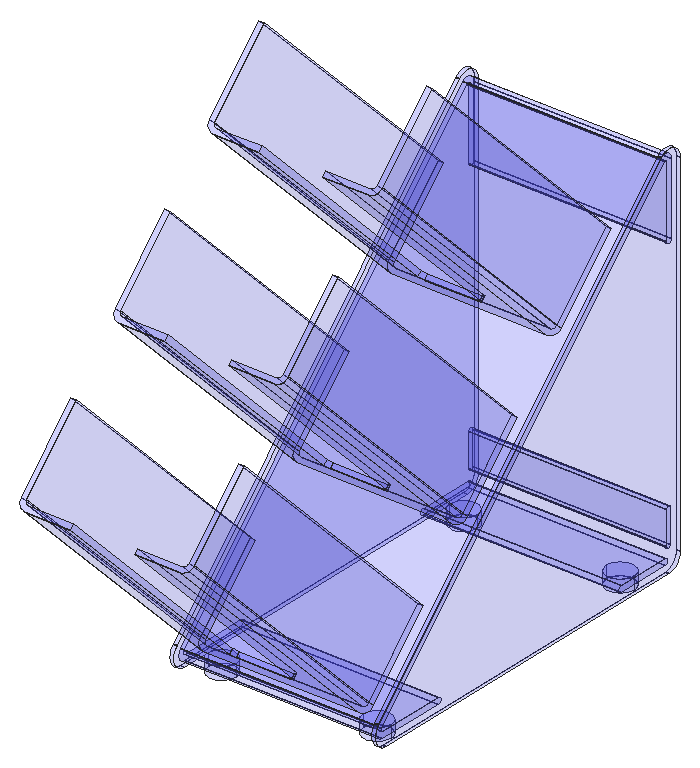
Revit family "QF_Vollrath_CTCL-3B", category Specialty Equipment, Revit 2016
Family settings
  Part Type = Normal
  Round Connector Dimension = Use Diameter
  OmniClass Number = 23.40.40.14.24
  OmniClass Title = Food Dispensing Equipment
  Work Plane-Based = Yes
  Always vertical = Yes
  Cut with Voids When Loaded = No
  Shared = No
  Room Calculation Point = No
Parameters
  Weight in Pounds = 0
  Watermarked By = ""
  URL Cutsheet = ""
  URL = "www.vollrath.com"
  Specification by User [instance] = ""
  Specification by Manufacturer [instance] = ""
  Serial Number [instance] = ""
  Revision Code [instance] = ""
  NAFEM Spec ID Number [instance] = ""
  Model = "CTCL-3B"
  Material = QF_Glass-Cast-Clear
  Masterspec [instance] = ""
  Manufacturer = "Vollrath"
  Item Number [instance] = "-"
  Installed By [instance] = ""
  Furnished By [instance] = ""
  Foodservice Equipment Identifier = yes
  Description = "Lid Organizer"
  Default Elevation = 48.000"
  CSI MasterFormat = ""
Reference planes (in)
  plane 1 "BACK": y = 0
  plane 2 "BOTTOM": z = 0
  plane 3 "LEFT": x = -16.56573
  plane 4 "RIGHT": x = -10.06573
  plane 5 "FRONT": y = -12.6402
  plane 6 "TOP": z = 12.8969
  plane 7 "Triangle Bottom": z = 0.2125
  plane 8: z = 0.4
  plane 9: x = -16.44073
  plane 10: z = 0.5875
  plane 11: y = -1.3125
  plane 12: z = 2.02919
  plane 13: z = 0.84169
  plane 14: y = -0.375
  plane 15: y = -2.25
  plane 16: y = -9.37184
  plane 17: y = -11.71564
  plane 18: y = -0.1875
  plane 19: through (-240, 1.58738, 14.17492) normal (0, -0.7071, 0.7071)
  plane 20: through (-240, 1.71997, 14.04234) normal (0, -0.7071, 0.7071)
  plane 21: z = 11.88042
  plane 22: z = 9.53662
  plane 23: through (-240, -3.39665, 7.49273) normal (0, 0.7071, 0.7071)
Forms (in)
  Extrusion 1, solid, material "QF_Glass-Cast-Clear" <- "Material"
    sketch origin (0.47068, -0.26488, 0) x (1, 0, 0) y (0, 1, 0)
      loop
        circle (-16.2866, -10.62678) r 0.44
      loop
        circle (-16.30526, -1.0632) r 0.44
      loop
        circle (-11.3773, -10.64574) r 0.44
      loop
        circle (-11.36776, -1.0632) r 0.44
    from 0 to 0.4
  Extrusion 2, solid, material "QF_Glass-Cast-Clear" <- "Material"
    sketch origin (-16.56573, 0, 0) x (0, 1, 0) y (0, 0, 1)
      loop
        arc (0, 11.79648) -> (-0.27008, 12.20068) -> (-0.74686, 12.10584) r 0.4375
        line (-0.74686, 12.10584) -> (-11.89334, 0.95936)
        arc (-11.89334, 0.95936) -> (-11.98818, 0.48258) -> (-11.58398, 0.2125) r 0.4375
        line (-11.58398, 0.2125) -> (-0.4375, 0.2125)
        arc (-0.4375, 0.2125) -> (-0.12814, 0.34064) -> (0, 0.65) r 0.4375
        line (0, 0.65) -> (0, 11.79648)
    from 0 to 0.125
  Extrusion 3, solid, material "QF_Glass-Cast-Clear" <- "Material"
    sketch origin (-10.19073, 0, 0) x (0, 1, 0) y (0, 0, 1)
      loop
        arc (0, 11.79648) -> (-0.27008, 12.20068) -> (-0.74686, 12.10584) r 0.4375
        line (-0.74686, 12.10584) -> (-11.89334, 0.95936)
        arc (-11.89334, 0.95936) -> (-11.98818, 0.48258) -> (-11.58398, 0.2125) r 0.4375
        line (-11.58398, 0.2125) -> (-0.4375, 0.2125)
        arc (-0.4375, 0.2125) -> (-0.12814, 0.34064) -> (0, 0.65) r 0.4375
        line (0, 0.65) -> (0, 11.79648)
    from 0 to 0.125
  Extrusion 4, solid, material "QF_Glass-Cast-Clear"
    sketch origin (-16.56573, 0, 0) x (0, 1, 0) y (0, 0, 1)
      loop
        line (-0.42777, 0.5875) -> (-2.17915, 0.5875)
        arc (-2.17915, 0.5875) -> (-2.2729, 0.49375) -> (-2.17915, 0.4) r 0.09375
        line (-2.17915, 0.4) -> (-0.42777, 0.4)
        arc (-0.42777, 0.4) -> (-0.33402, 0.49375) -> (-0.42777, 0.5875) r 0.09375
    from 0.125 to 6.375
  Extrusion 5, solid, material "QF_Glass-Cast-Clear"
    sketch origin (-16.56573, 0, 0) x (0, 1, 0) y (0, 0, 1)
      loop
        line (-0.22569, 0.90691) -> (-0.22569, 1.96287)
        arc (-0.22569, 1.96287) -> (-0.30035, 2.03753) -> (-0.375, 1.96287) r 0.07465
        line (-0.375, 1.96287) -> (-0.375, 0.90691)
        arc (-0.375, 0.90691) -> (-0.30035, 0.83225) -> (-0.22569, 0.90691) r 0.07465
    from 0.125 to 6.375
  Extrusion 6, solid, material "QF_Glass-Cast-Clear"
    sketch origin (-16.56573, 0, 0) x (0, 1, 0) y (0, 0, 1)
      loop
        line (-0.1875, 9.53662) -> (-0.1875, 11.79648)
        arc (-0.1875, 11.79648) -> (-0.34183, 12.02745) -> (-0.61428, 11.97326) r 0.25
        line (-0.61428, 11.97326) -> (-11.76076, 0.82678)
        arc (-11.76076, 0.82678) -> (-11.81495, 0.55433) -> (-11.58398, 0.4) r 0.25
        line (-11.58398, 0.4) -> (-9.37184, 0.4)
        arc (-9.37184, 0.4) -> (-9.27809, 0.49375) -> (-9.37184, 0.5875) r 0.09375
        line (-9.37184, 0.5875) -> (-11.58398, 0.5875)
        arc (-11.58398, 0.5875) -> (-11.64172, 0.62608) -> (-11.62818, 0.69419) r 0.0625
        line (-11.62818, 0.69419) -> (-0.48169, 11.84068)
        arc (-0.48169, 11.84068) -> (-0.41358, 11.85422) -> (-0.375, 11.79648) r 0.0625
        line (-0.375, 11.79648) -> (-0.375, 9.53662)
        arc (-0.375, 9.53662) -> (-0.28125, 9.44287) -> (-0.1875, 9.53662) r 0.09375
    from 0.125 to 6.375
Lines and regions (in)
  symbolic lines
    curve 1: line (-16.56573, 0, 12.8969) -> (-16.44073, 0, 12.8969)
    curve 2: line (-16.56573, -12.02148, 12.8969) -> (-16.56573, 0, 12.8969)
    curve 3: line (-16.44073, -12.02148, 12.8969) -> (-16.56573, -12.02148, 12.8969)
    curve 4: line (-16.44073, 0, 12.8969) -> (-16.44073, -12.02148, 12.8969)
    curve 5: line (-10.19073, 0, 12.8969) -> (-10.06573, 0, 12.8969)
    curve 6: line (-10.19073, -12.02148, 12.8969) -> (-10.19073, 0, 12.8969)
    curve 7: line (-10.06573, -12.02148, 12.8969) -> (-10.19073, -12.02148, 12.8969)
    curve 8: line (-10.06573, 0, 12.8969) -> (-10.06573, -12.02148, 12.8969)
    curve 9: line (-16.44073, -0.1875, 12.8969) -> (-10.19073, -0.1875, 12.8969)
    curve 10: line (-16.44073, -0.375, 12.8969) -> (-10.19073, -0.375, 12.8969)
Dimensions and locks (in)
  locked: plane 3 "LEFT" to plane 4 "RIGHT" at 6.5
  locked: plane 5 "FRONT" to plane 1 "BACK" at 12.6402
  Extrusion 1 to level = 0.400"
  locked: plane 7 "Triangle Bottom" to level at 0.2125
  locked: plane 8 to plane 7 "Triangle Bottom" at 0.1875
  locked: plane 3 "LEFT" to plane 9 at 0.125
  locked: plane 6 "TOP" to plane 7 "Triangle Bottom" at 12.6844
  locked: plane 10 to plane 8 at 0.1875
  locked: plane 12 to plane 13 at 1.1875
  locked: plane 15 to plane 11 at 0.9375
  locked: plane 11 to plane 14 at 0.9375
  locked: Extrusion 2 to plane 19 at 0.1875
  locked: plane 19 to plane 20 at 0.1875
  locked: plane 1 "BACK" to plane 18 at 0.1875
  locked: plane 18 to plane 14 at 0.1875
  locked: plane 21 to plane 22 at 2.3438
  plane 16 to plane 17 = 2.3438"
  aligned and locked: level to plane 2 "BOTTOM"
  aligned and locked: Extrusion 2 to plane 9
  aligned and locked: plane 4 "RIGHT" to Extrusion 3
  aligned and locked: Extrusion 4 sketch curve to plane 10
  aligned and locked: Extrusion 4 sketch curve to plane 8
  aligned and locked: Extrusion 4 to Extrusion 3
  aligned and locked: plane 14 to Extrusion 5 sketch curve
  aligned and locked: Extrusion 5 to plane 9
  aligned and locked: Extrusion 5 to Extrusion 3
  aligned and locked: Extrusion 6 to plane 9
  aligned and locked: Extrusion 6 to Extrusion 3
  aligned and locked: curve 1 to Extrusion 2
  aligned and locked: curve 2 to Extrusion 2
  aligned and locked: curve 4 to Extrusion 2
  aligned and locked: curve 5 to Extrusion 3
  aligned and locked: curve 6 to Extrusion 3
  aligned and locked: curve 8 to Extrusion 3
  aligned and locked: curve 10 to Extrusion 5
Nested families (in)
  nested 1: "CTCL-3B Extension" at (5.9895, -7.95804, 7.7065), type "CTCL-3B Extension"
    with Specification by User "", Specification by Manufacturer "", Serial Number "", Revision Code "", NAFEM Spec ID Number "", Masterspec "", Item Number "-", Installed By "", Furnished By ""
  nested 2: "CTCL-3B Extension" at (5.9895, -11.67035, 3.99419), type "CTCL-3B Extension"
    with Specification by User "", Specification by Manufacturer "", Serial Number "", Revision Code "", NAFEM Spec ID Number "", Masterspec "", Item Number "-", Installed By "", Furnished By ""
  nested 3: "CTCL-3B Extension" at (5.9895, -4.24573, 11.41881), type "CTCL-3B Extension"
    with Specification by User "", Specification by Manufacturer "", Serial Number "", Revision Code "", NAFEM Spec ID Number "", Masterspec "", Item Number "-", Installed By "", Furnished By ""
Definition of nested family "CTCL-3B Extension"
  Parameters
    Weight in Pounds = 0
    Watermarked By = ""
    URL Cutsheet = ""
    URL = "www.vollrath.com"
    Specification by User [instance] = ""
    Specification by Manufacturer [instance] = ""
    Serial Number [instance] = ""
    Revision Code [instance] = ""
    NAFEM Spec ID Number [instance] = ""
    Model = "Extension CTCL-3B"
    Material = none
    Masterspec [instance] = ""
    Manufacturer = "Vollrath"
    Item Number [instance] = "-"
    Installed By [instance] = ""
    Furnished By [instance] = ""
    Foodservice Equipment Identifier = yes
    Description = "Extension"
    CSI MasterFormat = ""
  Reference planes (in)
    plane 1 "BACK": y = 0
    plane 2 "BOTTOM": z = 0
    plane 3 "LEFT": x = -16.56573
    plane 4 "RIGHT": x = -18.56573
    plane 5 "FRONT": y = -10
    plane 6: y = -1
    plane 7: x = -18.30523
    plane 8: x = -20.30523
    plane 9: x = -16.38873
    plane 10: x = -18.74273
    plane 11: z = -2.723
    plane 12: z = -2.9
  Forms (in)
    Extrusion 1, solid, material <- "Material"
      sketch origin (-33.13145, 2.17577, -0.90123) x (-1, 0, 0) y (0, -0.707107, -0.707107)
        loop
          line (-16.56573, 0) -> (-16.38873, 0) -> (-16.38873, 2.775)
          arc (-16.38873, 2.775) -> (-16.35211, 2.86339) -> (-16.26373, 2.9) r 0.125
          line (-16.26373, 2.9) -> (-11.38873, 2.9)
          arc (-11.38873, 2.9) -> (-11.30034, 2.86339) -> (-11.26373, 2.775) r 0.125
          line (-11.26373, 2.775) -> (-11.26373, 0) -> (-11.08673, 0) -> (-11.08673, 2.775)
          arc (-11.08673, 2.775) -> (-11.17518, 2.98855) -> (-11.38873, 3.077) r 0.302
          line (-11.38873, 3.077) -> (-16.26373, 3.077)
          arc (-16.26373, 3.077) -> (-16.47727, 2.98855) -> (-16.56573, 2.775) r 0.302
          line (-16.56573, 2.775) -> (-16.56573, 0)
      from 0 to 10
    Extrusion 2, void
      sketch origin (-32.89195, 0.76155, -2.31545) x (0, 0.707107, -0.707107) y (1, 0, 0)
        loop
          arc (-1, 14.46173) -> (-1.03661, 14.55011) -> (-1.125, 14.58673) r 0.125
          line (-1.125, 14.58673) -> (-10, 14.58673) -> (-10, 12.58673) -> (-1.125, 12.58673)
          arc (-1.125, 12.58673) -> (-1.03661, 12.62334) -> (-1, 12.71173) r 0.125
          line (-1, 12.71173) -> (-1, 14.46173)
      from 0.09506 to 1.827
  Cuts and joins
    Extrusion 2 cuts Extrusion 1
  Lines and regions (in)
    symbolic lines
      curve 1: line (-16.56573, 0, 9.875) -> (-22.04473, 0, 9.875)
      curve 2: line (-16.56573, -10, 9.875) -> (-16.56573, 0, 9.875)
      curve 3: line (-22.04473, -10, 9.875) -> (-16.56573, -10, 9.875)
      curve 4: line (-22.04473, 0, 9.875) -> (-22.04473, -10, 9.875)
  Dimensions and locks (in)
    plane 4 "RIGHT" to plane 3 "LEFT" = 2.000"
    locked: plane 5 "FRONT" to plane 1 "BACK" at 10
    locked: plane 6 to plane 1 "BACK" at 1
    locked: plane 7 to plane 3 "LEFT" at 1.7395
    locked: plane 8 to plane 4 "RIGHT" at 1.7395
    locked: plane 3 "LEFT" to plane 9 at 0.177
    locked: plane 10 to plane 4 "RIGHT" at 0.177
    level to plane 11 = 2.723"
    locked: plane 11 to plane 12 at 0.177
    aligned and locked: level to plane 2 "BOTTOM"
    aligned and locked: plane 8 to Extrusion 2
    aligned and locked: Extrusion 2 to plane 7
    aligned and locked: curve 2 to cut or joined group of Extrusion 1, Extrusion 2
    aligned and locked: cut or joined group of Extrusion 1, Extrusion 2 to curve 4
